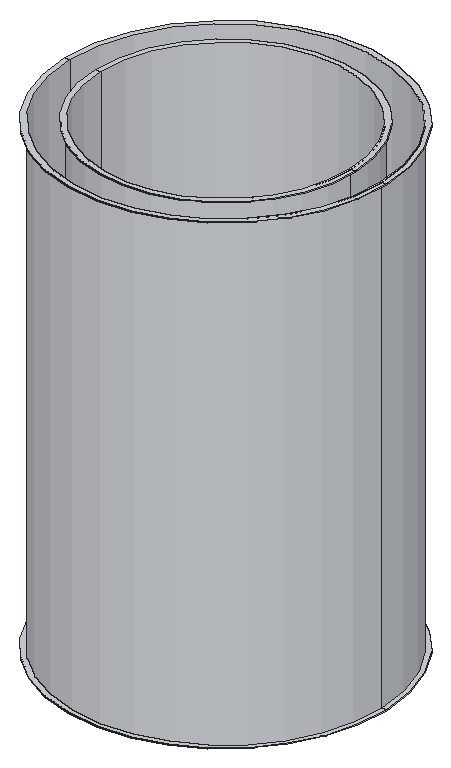
Revit family
Parameters (values of type "DW2447DWAJDTP-3")
  WALLTHICK = 9/256"  # constant formula
  OFFSET2 = 3"
  OFFSET = 1 1/2"  # constant formula
  Model = "DW2447DWAJDTP-3"
  Manufacturer = "CaptiveAire"
  FLANGETHICK = 1/16"
  FLANGERAD = DUCTINSIDERAD + 1/2"  # 12 1/2"
  FLANGEDIA = FLANGERAD * 2  # 25"
  Description = "24\" x 47\" Double Termination Adjustable Vertical"
  DWFLANGERAD = DWDUCTINSIDERAD + 1/2"  # 15 1/2"
  DWDUCTRAD = DWDUCTINSIDERAD + WALLTHICK  # 15 9/256"
  DWDUCTINSIDERAD = DUCTINSIDERAD + OFFSET2  # 15"
  DUCTRAD = (DUCTDIA / 2)  # 12 9/256"
  DUCTINSIDERAD = 12"
  DUCTHEIGHT/2 [instance] = DUCTHEIGHT / 2  # 23 1/2"
  DUCTHEIGHT [instance] = 47"
  DUCTDIA = (DUCTINSIDERAD + WALLTHICK) * 2  # 24 9/128"
Types (14): name | OFFSET2 | Model | FLANGERAD | FLANGEDIA | Description | DWFLANGERAD | DWDUCTRAD | DWDUCTINSIDERAD | DUCTRAD | DUCTINSIDERAD | DUCTDIA
  (no name) | 3" | "DW2447DWAJDTP-3" | 12 1/2" | 25" | "24\" x 47\" Double Termination Adjustable Vertical" | 15 1/2" | 15 9/256" | 15" | 12 9/256" | 12" | 24 9/128"
  DW0847DWAJDTP-3 | 3" | "DW0847DWAJDTP-3" | 4 1/2" | 9" | "8\" x 47\" Double Termination Adjustable Vertical" | 7 1/2" | 7 9/256" | 7" | 4 9/256" | 4" | 8 9/128"
  DW0847DWAJDTP-2 | 2" | "DW0847DWAJDTP-2" | 4 1/2" | 9" | "8\" x 47\" Double Termination Adjustable Vertical" | 6 1/2" | 6 9/256" | 6" | 4 9/256" | 4" | 8 9/128"
  DW1047DWAJDTP-3 | 3" | "DW1047DWAJDTP-3" | 5 1/2" | 11" | "10\" x 47\" Double Termination Adjustable Vertical" | 8 1/2" | 8 9/256" | 8" | 5 9/256" | 5" | 10 9/128"
  DW1047DWAJDTP-2 | 2" | "DW1047DWAJDTP-2" | 5 1/2" | 11" | "10\" x 47\" Double Termination Adjustable Vertical" | 7 1/2" | 7 9/256" | 7" | 5 9/256" | 5" | 10 9/128"
  DW1247DWAJDTP-3 | 3" | "DW1247DWAJDTP-3" | 6 1/2" | 13" | "12\" x 47\" Double Termination Adjustable Vertical" | 9 1/2" | 9 9/256" | 9" | 6 9/256" | 6" | 12 9/128"
  DW1247DWAJDTP-2 | 2" | "DW1247DWAJDTP-2" | 6 1/2" | 13" | "12\" x 47\" Double Termination Adjustable Vertical" | 8 1/2" | 8 9/256" | 8" | 6 9/256" | 6" | 12 9/128"
  DW1447DWAJDTP-3 | 3" | "DW1447DWAJDTP-3" | 7 1/2" | 15" | "14\" x 47\" Double Termination Adjustable Vertical" | 10 1/2" | 10 9/256" | 10" | 7 9/256" | 7" | 14 9/128"
  DW1447DWAJDTP-2 | 2" | "DW1447DWAJDTP-2" | 7 1/2" | 15" | "14\" x 47\" Double Termination Adjustable Vertical" | 9 1/2" | 9 9/256" | 9" | 7 9/256" | 7" | 14 9/128"
  DW1647DWAJDTP-2 | 2" | "DW1647DWAJDTP-2" | 8 1/2" | 17" | "16\" x 47\" Double Termination Adjustable Vertical" | 10 1/2" | 10 9/256" | 10" | 8 9/256" | 8" | 16 9/128"
  DW1647DWAJDTP-3 | 3" | "DW1647DWAJDTP-3" | 8 1/2" | 17" | "16\" x 47\" Double Termination Adjustable Vertical" | 11 1/2" | 11 9/256" | 11" | 8 9/256" | 8" | 16 9/128"
  DW1847DWAJDTP-3 | 3" | "DW1847DWAJDTP-3" | 9 1/2" | 19" | "18\" x 47\" Double Termination Adjustable Vertical" | 12 1/2" | 12 9/256" | 12" | 9 9/256" | 9" | 18 9/128"
  DW2047DWAJDTP-3 | 3" | "DW2047DWAJDTP-3" | 10 1/2" | 21" | "20\" x 47\" Double Termination Adjustable Vertical" | 13 1/2" | 13 9/256" | 13" | 10 9/256" | 10" | 20 9/128"
  DW2447DWAJDTP-3 | 3" | "DW2447DWAJDTP-3" | 12 1/2" | 25" | "24\" x 47\" Double Termination Adjustable Vertical" | 15 1/2" | 15 9/256" | 15" | 12 9/256" | 12" | 24 9/128"
Reference planes (in)
  plane 1 "Center (Front/Back)": y = 0
  plane 2: z = 0
  plane 3 "Center (Left/Right)": z = 0
  plane 4: z = 47
  plane 5: x = 9.95082
  plane 6: x = -14.11949
  plane 7: x = 10.41566
  plane 8: x = 9.91566
  plane 9: z = 0.0625
  plane 10: z = 46.9375
  plane 11: x = -14.08434
  plane 12: z = 23.5
  plane 13: x = 12.91566
  plane 14: x = 13.41566
  plane 15: x = 12.95082
  plane 16: z = 1.5
  plane 17: z = 46.9375
  plane 18: z = 46.875
  plane 19: z = 1.5625
  plane 20: x = -2.08434
Forms (in)
  Revolve 1, solid
    sketch origin (0, 0, 0) x (1, 0, 0) y (0, 0, 1)
      loop
        line (9.91566, 47) -> (9.91566, 0) -> (10.41566, 0) -> (10.41566, 0.0625) -> (9.95082, 0.0625) -> (9.95082, 46.9375) -> (10.41566, 46.9375) -> (10.41566, 47) -> (9.91566, 47)
      axis (-2.08434, 0) -> (-2.08434, 47)
    angle from 0 to 360
  Revolve 2, solid
    sketch origin (0, 0, 0) x (1, 0, 0) y (0, 0, 1)
      loop
        line (13.41566, 46.9375) -> (12.91566, 46.9375) -> (12.91566, 1.5) -> (13.41566, 1.5) -> (13.41566, 1.5625) -> (12.95082, 1.5625) -> (12.95082, 46.875) -> (13.41566, 46.875) -> (13.41566, 46.9375)
      axis (-2.08434, 1.5) -> (-2.08434, 46.9375)
    angle from 0 to 360
Dimensions and locks (in)
  "DUCTDIA": plane 6 to plane 5
  "WALLTHICK": plane 8 to plane 5
  "WALLTHICK": plane 11 to plane 6
  "FLANGETHICK": plane 10 to plane 4
  "FLANGETHICK": plane 3 "Center (Left/Right)" to plane 9
  "DUCTHEIGHT": plane 3 "Center (Left/Right)" to plane 4
  "DUCTHEIGHT/2": plane 3 "Center (Left/Right)" to plane 12
  "OFFSET": plane 3 "Center (Left/Right)" to plane 16
  "FLANGETHICK": plane 17 to plane 18
  "FLANGETHICK": plane 16 to plane 19
  equal spacing: plane 6, plane 20, plane 5
  "DWDUCTRAD": plane 20 to plane 15
  "DWDUCTINSIDERAD": plane 20 to plane 13
  "DWFLANGERAD": plane 20 to plane 14
  "FLANGERAD": plane 20 to plane 7
  aligned and locked: Revolve 1 sketch curve to plane 20
  aligned and locked: Revolve 1 sketch curve to plane 10
  aligned and locked: Revolve 1 sketch curve to plane 4
  aligned and locked: Revolve 1 sketch curve to Revolve 1 sketch curve
  aligned and locked: plane 7 to Revolve 1 sketch curve
  aligned and locked: Revolve 1 sketch curve to level
  aligned and locked: plane 9 to Revolve 1 sketch curve
  aligned and locked: Revolve 1 sketch curve to plane 5
  aligned and locked: Revolve 1 sketch curve to plane 8
  aligned and locked: Revolve 2 sketch curve to plane 20
  aligned and locked: plane 17 to Revolve 2 sketch curve
  aligned and locked: plane 18 to Revolve 2 sketch curve
  aligned and locked: Revolve 2 sketch curve to plane 14  (x2)
  aligned and locked: plane 15 to Revolve 2 sketch curve
  aligned and locked: Revolve 2 sketch curve to plane 13
  aligned and locked: plane 16 to Revolve 2 sketch curve
  aligned and locked: Revolve 2 sketch curve to plane 19
  aligned and locked: plane 17 to plane 10
Automatic sketch dimensions
  plane 4 to Revolve 1 sketch curve = 5.05681"
  Revolve 1 sketch curve to Revolve 1 sketch curve = 6.60293"
  plane 4 to Revolve 2 sketch curve = 5.52347"
  Revolve 2 sketch curve to Revolve 2 sketch curve = 6.13627"
